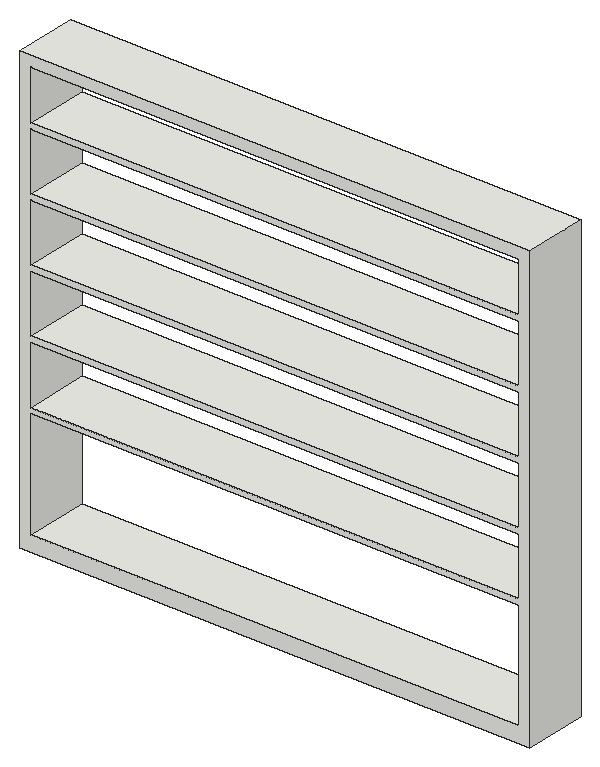
Revit family
Parameters (values of type "2440 x 0305 x 2134mm")
  Depth = 305.00 mm
  Height = 2134.00 mm
  Material = Laminate - Ivory, Matte
  Width = 2440.00 mm
Types (3, lengths in mm): name | Depth | Height | Material | Width
  (no name) | 305.00 | 2134.00 | Laminate - Ivory, Matte | 2440.00
  0915 x 0254 x 1830mm | 254.00 | 1830.00 | Wood - Birch | 915.00
  2440 x 0305 x 2134mm | 305.00 | 2134.00 | Laminate - Ivory, Matte | 2440.00
Reference planes
  plane 1: y = -304.8
  plane 2: z = 0
  plane 3: x = 0
  plane 4 "Back": y = -152.3
  plane 5 "Front": y = -457.3
  plane 6 "Right": x = 1220
  plane 7 "Left": x = -1220
  plane 8: z = 2134
  plane 9: x = -1169.2
  plane 10: x = 1169.2
  plane 11: x = -1220
  plane 12: x = 1220
  plane 13: z = 1524.286
  plane 14: z = 914.571
  plane 15: z = 304.857
  plane 16: z = 1829.143
  plane 17: z = 1219.429
  plane 18: z = 609.714
Forms (mm)
  Extrusion 1, solid, material "Laminate - Ivory, Matte" <- "Material"
    sketch origin (0, 0, 0) x (1, 0, 0) y (0, 0, 1)
      loop
        line (-1220, 0) -> (1220, 0) -> (1220, 2134) -> (-1220, 2134) -> (-1220, 0)
      loop
        line (-1169.2, 2083.2) -> (-1169.2, 1841.843) -> (1169.2, 1841.843) -> (1169.2, 2083.2) -> (-1169.2, 2083.2)
      loop
        line (-1169.2, 76.2) -> (1169.2, 76.2) -> (1169.2, 597.014) -> (-1169.2, 597.014) -> (-1169.2, 76.2)
      loop
        line (1169.2, 1232.129) -> (1169.2, 1511.586) -> (-1169.2, 1511.586) -> (-1169.2, 1232.129) -> (1169.2, 1232.129)
      loop
        line (-1169.2, 1816.443) -> (-1169.2, 1536.986) -> (1169.2, 1536.986) -> (1169.2, 1816.443) -> (-1169.2, 1816.443)
      loop
        line (-1169.2, 1206.729) -> (-1169.2, 927.271) -> (1169.2, 927.271) -> (1169.2, 1206.729) -> (-1169.2, 1206.729)
      loop
        line (-1169.2, 901.871) -> (-1169.2, 622.414) -> (1169.2, 622.414) -> (1169.2, 901.871) -> (-1169.2, 901.871)
    from 152.3 to 457.3
Lines and regions (mm)
  Masking region 1
    outline origin (0, 0, 0) x (1, 0, 0) y (0, 1, 0)
      loop
        line (-1220, -152.3) -> (-1220, -457.3) -> (1220, -457.3) -> (1220, -152.3) -> (-1220, -152.3)
Dimensions and locks
  locked: plane 11 to plane 9 at 50.8
  plane 8 to Extrusion 1 sketch curve = 50.80 mm
  Extrusion 1 sketch curve to plane 2 = 76.20 mm
  "Width": plane 7 "Left" to plane 6 "Right"
  equal spacing: plane 7 "Left", plane 3, plane 6 "Right"
  equal spacing: plane 4 "Back", plane 1, plane 5 "Front"
  "Depth": plane 4 "Back" to plane 5 "Front"
  "Height": plane 8 to plane 2
  equal spacing: plane 8, plane 16, plane 13, plane 17, plane 14, plane 18, plane 15, plane 2
  locked: Extrusion 1 sketch curve to plane 16 at 12.7
  locked: plane 16 to Extrusion 1 sketch curve at 12.7
  locked: Extrusion 1 sketch curve to plane 13 at 12.7
  locked: plane 13 to Extrusion 1 sketch curve at 12.7
  locked: Extrusion 1 sketch curve to plane 17 at 12.7
  locked: plane 17 to Extrusion 1 sketch curve at 12.7
  locked: Extrusion 1 sketch curve to plane 14 at 12.7
  locked: plane 14 to Extrusion 1 sketch curve at 12.7
  locked: Extrusion 1 sketch curve to plane 18 at 12.7
  locked: plane 18 to Extrusion 1 sketch curve at 12.7
  locked: plane 10 to plane 12 at 50.8
  aligned and locked: Extrusion 1 to plane 5 "Front"
  aligned and locked: Extrusion 1 sketch curve to plane 11
  aligned and locked: Extrusion 1 sketch curve to plane 12
  aligned and locked: plane 11 to plane 7 "Left"
  aligned and locked: plane 12 to plane 6 "Right"
  aligned and locked: plane 4 "Back" to Extrusion 1
  aligned and locked: plane 10 to Extrusion 1 sketch curve  (x4)
  aligned and locked: Extrusion 1 sketch curve to Extrusion 1 sketch curve
  aligned and locked: Masking region 1 sketch curve to plane 4 "Back"
  aligned and locked: plane 7 "Left" to Masking region 1 sketch curve
  aligned and locked: plane 5 "Front" to Masking region 1 sketch curve
  aligned and locked: Masking region 1 sketch curve to plane 6 "Right"
Automatic sketch dimensions
  Extrusion 1 sketch curve to plane 9 = 0.00 mm  (x5)
  Extrusion 1 sketch curve to plane 10 = 0.00 mm  (x2)
  Extrusion 1 sketch curve to level = 0.00 mm
  Extrusion 1 sketch curve to plane 8 = 0.00 mm
